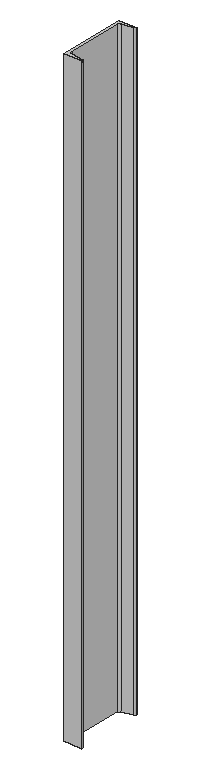
Revit family "f45e033dcaf542bdb38fa900768e637a", category Structural Columns, Revit 2021
Family settings
  Section Shape = C-channel Sloped Flange
  Material for Model Behavior = Steel
  Always export as geometry = No
  Beam cutback in plan = From bounding box
  Family Name Key = C Shapes-Column
  Code Name = AISC 14.1
  OmniClass Number = 23.25.30.11.14.11
  OmniClass Title = Columns
  Seek Item ID = C Shapes-Column-0000-USA-ENU
  Cut with Voids When Loaded = No
  Symbolic Representation = From Project Settings
  Shared = No
  Show family pre-cut in plan views = Yes
Parameters (values of type "C12X30")
  Width = 0' - 3.17"
  Web Thickness = 0' - 0.51"
  Web Fillet = 0.5010"
  Warping Constant = 151.00 in⁶
  Torsional Moment of Inertia = 0.8610 in⁴
  Structural Material [instance] = Steel ASTM A36
  Sloped Flange Angle = 9.46234°
  Section Name Key = ""
  Section Area = 8.81 in²
  Principal Axes Angle = 0.00°
  Plastic Modulus weak axis = 4.320 in³
  Plastic Modulus strong axis = 33.800 in³
  Nominal Weight = 30.00 lbf/ft
  Moment of Inertia weak axis = 5.1200 in⁴
  Moment of Inertia strong axis = 162.0000 in⁴
  Height = 1' - 0"
  Flange Thickness Location = 1.3300"
  Flange Thickness = 0' - 0.501"
  Flange Fillet = 0.2505"
  Elastic Modulus weak axis = 2.050 in³
  Elastic Modulus strong axis = 27.000 in³
  Centroid Vertical = Height / 2  # 6.0000"
  Centroid Horizontal = 0' - 0.674"
  Bolt Spacing = 0' - 1 3/4"
  Assembly Code = "B10"
Reference planes (in)
  plane 1: y = 0
  plane 2: z = 0
  plane 3: x = 0
  plane 4: x = 2.496
  plane 5: x = -0.674
  plane 6: x = -0.164
  plane 7: x = 1.995
  plane 8: y = 6
  plane 9: y = -6
Forms (in)
  Sweep 1, solid, material "Steel ASTM A36" <- "Structural Material", detail levels fine
    path origin (0, 0, 0) x (1, 0, 0) y (0, 0, 1)
      loop
        line (0, 108) -> (0, 0)
    profile "C-Shape-Profile-Fine : C-Shape-Profile-Fine" origin (0, 0, 54) x (1, 0, 0) y (0, -1, 0)
      loop
        line (2.496, 6) -> (-0.674, 6) -> (-0.674, -6) -> (2.496, -6) -> (2.496, -5.93287)
        arc (2.496, -5.93287) -> (2.43664, -5.77096) -> (2.28668, -5.68578) r 0.2505
        line (2.28668, -5.68578) -> (1.166, -5.499) -> (0.25464, -5.34711)
        arc (0.25464, -5.34711) -> (-0.04527, -5.17676) -> (-0.164, -4.85292) r 0.501
        line (-0.164, -4.85292) -> (-0.164, 4.85292)
        arc (-0.164, 4.85292) -> (-0.04527, 5.17676) -> (0.25464, 5.34711) r 0.501
        line (0.25464, 5.34711) -> (1.166, 5.499) -> (2.28668, 5.68578)
        arc (2.28668, 5.68578) -> (2.43664, 5.77096) -> (2.496, 5.93287) r 0.2505
        line (2.496, 5.93287) -> (2.496, 6)
  Sweep 2, solid, material "Steel ASTM A36" <- "Structural Material", detail levels medium
    path origin (0, 0, 0) x (1, 0, 0) y (0, 0, 1)
      loop
        line (0, 108) -> (0, 0)
    profile "C-Shape-Profile-Medium : C-Shape-Profile-Medium" origin (0, 0, 54) x (1, 0, 0) y (0, -1, 0)
      loop
        line (2.496, 6) -> (-0.674, 6) -> (-0.674, -6) -> (2.496, -6) -> (2.496, -5.72067) -> (1.166, -5.499) -> (-0.164, -5.27733) -> (-0.164, 5.27733) -> (1.166, 5.499) -> (2.496, 5.72067) -> (2.496, 6)
Lines and regions (in)
  symbolic lines, style "StructuralColumnStickSymbols", detail levels coarse
    curve 1: line (-0.674, 6, 0) -> (2.496, 6, 0)
    curve 2: line (-0.674, -6, 0) -> (2.496, -6, 0)
    curve 3: line (-0.674, 6, 0) -> (-0.674, -6, 0)
  symbolic lines, style "Hidden Faces", detail levels medium+fine
    curve 4: line (-0.164, 0, 108) -> (-0.164, 0, 0)
    curve 5: line (-0.674, 5.72067, 0) -> (-0.674, 5.72067, 108)
    curve 6: line (-0.674, -5.72067, 0) -> (-0.674, -5.72067, 108)
Dimensions and locks (in)
  "Width": plane 5 to plane 4
  "Web Thickness": plane 5 to plane 6
  "Flange Thickness": plane 7 to plane 4
  "Centroid Horizontal": plane 5 to plane 3
  "Height": plane 8 to plane 9
  equal spacing: plane 8, plane 1, plane 9
  aligned and locked: level to plane 2
  aligned and locked: plane 5 to curve 2
  aligned and locked: plane 5 to curve 1
  aligned and locked: plane 4 to curve 2
  aligned and locked: plane 4 to curve 1
  aligned and locked: level to curve 4  (x2)
  aligned and locked: plane 6 to curve 4
  aligned and locked: level to curve 5
  aligned and locked: level to curve 6
  aligned and locked: plane 2 to curve 5
  aligned and locked: plane 2 to curve 6
  aligned and locked: level to Sweep 1 sketch curve  (x2)
  aligned and locked: Sweep 1 sketch curve to plane 3
  aligned and locked: level to Sweep 2 sketch curve  (x2)
  aligned and locked: Sweep 2 sketch curve to plane 3
  aligned and locked: curve 1 to plane 8
  aligned and locked: curve 2 to plane 9
  aligned and locked: curve 6 to Sweep 2
  aligned and locked: curve 5 to Sweep 2
